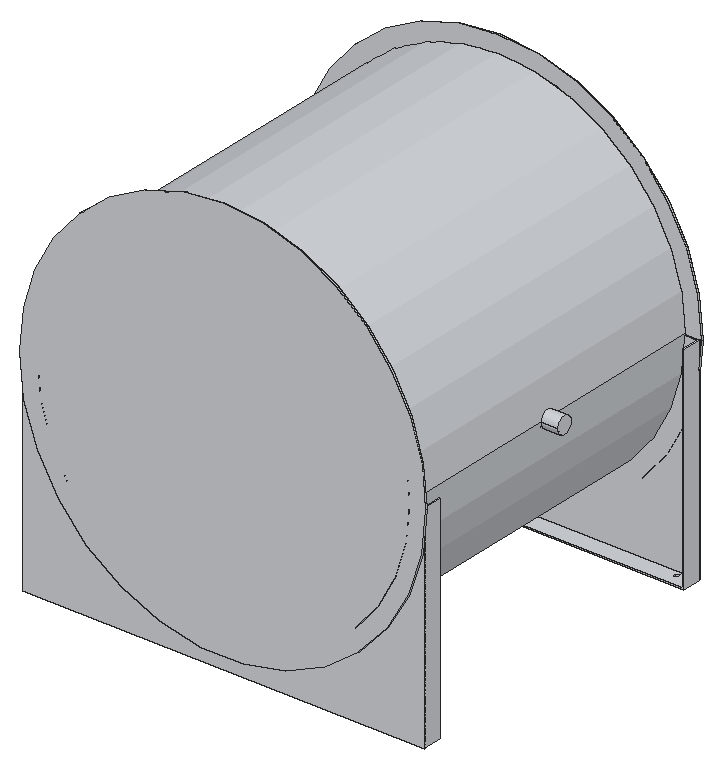
Revit family "AFD-C_Horizontal_Floor_Mount", category Mechanical Equipment, Revit 2019
Family settings
  Round Connector Dimension = Use Radius
  Part Type = Normal
  Work Plane-Based = No
  Always vertical = Yes
  Cut with Voids When Loaded = No
  Shared = No
  Room Calculation Point = No
Parameters (values of type "44_AFD-C_HOR_FLOOR")
  Unit Weight [instance] = ""
  P/2 = P / 2  # 0' - 0 9/32"
  P = 0' - 0 9/16"  # constant formula
  ModelID [instance] = ""
  M = 1' - 10 3/8"
  L/2 = L / 2  # 2' - 0 3/8"
  L = 4' - 0 3/4"
  J = 0' - 1"
  H/2 = H / 2  # 1' - 8"
  H = 3' - 4"
  J-(C/2) = K - (C / 2)  # 0' - 2 3/8"
  K = 2' - 2 1/8"
  Sones [instance] = ""
  Motor RPM [instance] = ""
  Motor Enclosure [instance] = ""
  LwA [instance] = ""
  G = 12' - 0"
  Fan RPM [instance] = ""
  F/2 = F / 2  # 0' - 0 7/32"
  F = 0' - 0 7/16"
  E/2 = E / 2  # 1' - 9"
  E-2" = E - 0' 2"  # 3' - 4"
  E = 3' - 6"
  C/2+J = C / 2 + K  # 4' - 1 7/8"
  C/2 = C / 2  # 1' - 11 3/4"
  C = 3' - 11 1/2"
  B/2 = B / 2  # 2' - 0 11/16"
  B = 4' - 1 3/8"
  Accessories [instance] = ""
  A/3 = A / 2.5  # 1' - 6"
  A/2 = A / 2  # 1' - 10 1/2"
  A = 3' - 9"
  60 = 60.00°  # constant formula
  30 = 30.00°  # constant formula
  3" = 0' - 3"  # constant formula
  Brake Hp [instance] = ""
  4" = 0' - 4"  # constant formula
  2' = 2' - 0"
  2" = 0' - 2"  # constant formula
  1" = 0' - 1"  # constant formula
  0 = 0' - 0"  # constant formula
  Voltage [instance] = 0 V
  URL = "www.lorencook.com"
  Type Comments = "Tube Axial Fan Horizontal Floor Mount Direct Drive Arrangement 4"  # constant formula
  Static Pressure [instance] = 0.00 in-wg
  Power [instance] = Voltage * Motor FLA * sqrt(if(Phase = 3, 3, 1))  # 0 VA
  Phase [instance] = 0
  Number of Poles [instance] = 1
  Motor Hp [instance] = "0"
  Motor FLA [instance] = 0 A
  Model = "AFD-C"  # constant formula
  Manufacturer = "Loren Cook Company"
  CFM [instance] = 0 CFM
  1.5 = 0' - 1 1/2"  # constant formula
  ONE EIGTH = 0' - 0 1/8"  # constant formula
  -E/2 = -E / 2  # -1' - 9"
  -(E-.25")/2 = -(E - 0' 0 1/4") / 2  # -1' - 8 7/8"
  (E-.25")/2 = (E - 0' 0 1/4") / 2  # 1' - 8 7/8"
  (A+.25")/2 = (A + 0' 0 1/4") / 2  # 1' - 10 5/8"
Types (12): name | M | L/2 | L | J | H/2 | H | J-(C/2) | K | G | F/2 | F | E/2 | E-2" | E | C/2+J | C/2 | C | B/2 | B | A/3 | A/2 | A | -E/2 | -(E-.25")/2 | (E-.25")/2 | (A+.25")/2
  (no name) | 1' - 10 3/8" | 2' - 0 3/8" | 4' - 0 3/4" | 0' - 1" | 1' - 8" | 3' - 4" | 0' - 2 3/8" | 2' - 2 1/8" | 12' - 0" | 0' - 0 7/32" | 0' - 0 7/16" | 1' - 9" | 3' - 4" | 3' - 6" | 4' - 1 7/8" | 1' - 11 3/4" | 3' - 11 1/2" | 2' - 0 11/16" | 4' - 1 3/8" | 1' - 6" | 1' - 10 1/2" | 3' - 9" | -1' - 9" | -1' - 8 7/8" | 1' - 8 7/8" | 1' - 10 5/8"
  12_AFD-C_HOR_FLOOR | 0' - 6" | 0' - 8" | 1' - 4" | 0' - 0 15/16" | 0' - 10 1/16" | 1' - 8 1/8" | 0' - 2 7/16" | 0' - 9 3/4" | 6' - 0" | 0' - 0 5/32" | 0' - 0 5/16" | 0' - 11" | 1' - 8" | 1' - 10" | 1' - 5 1/16" | 0' - 7 5/16" | 1' - 2 5/8" | 0' - 7 27/32" | 1' - 3 11/16" | 0' - 5.15" | 0' - 6 7/16" | 1' - 0 7/8" | -0' - 11" | -0' - 10 7/8" | 0' - 10 7/8" | 0' - 6 9/16"
  16_AFD-C_HOR_FLOOR | 0' - 8" | 0' - 10" | 1' - 8" | 0' - 0 15/16" | 0' - 11 9/16" | 1' - 11 1/8" | 0' - 2 7/16" | 0' - 11 3/4" | 6' - 0" | 0' - 0 5/32" | 0' - 0 5/16" | 1' - 0 1/2" | 1' - 11" | 2' - 1" | 1' - 9 1/16" | 0' - 9 5/16" | 1' - 6 5/8" | 0' - 9 27/32" | 1' - 7 11/16" | 0' - 6 3/4" | 0' - 8 7/16" | 1' - 4 7/8" | -1' - 0 1/2" | -1' - 0 3/8" | 1' - 0 3/8" | 0' - 8 9/16"
  18_AFD-C_HOR_FLOOR | 0' - 9" | 0' - 11" | 1' - 10" | 0' - 0 15/16" | 0' - 11 9/16" | 1' - 11 1/8" | 0' - 2 7/16" | 1' - 0 3/4" | 6' - 0" | 0' - 0 5/32" | 0' - 0 5/16" | 1' - 0 1/2" | 1' - 11" | 2' - 1" | 1' - 11 1/16" | 0' - 10 5/16" | 1' - 8 5/8" | 0' - 10 27/32" | 1' - 9 11/16" | 0' - 7.55" | 0' - 9 7/16" | 1' - 6 7/8" | -1' - 0 1/2" | -1' - 0 3/8" | 1' - 0 3/8" | 0' - 9 9/16"
  24_AFD-C_HOR_FLOOR | 1' - 0 1/4" | 1' - 2 1/4" | 2' - 4 1/2" | 0' - 0 15/16" | 1' - 2 9/16" | 2' - 5 1/8" | 0' - 2 9/16" | 1' - 4" | 6' - 0" | 0' - 0 7/32" | 0' - 0 7/16" | 1' - 3 1/2" | 2' - 5" | 2' - 7" | 2' - 5 7/16" | 1' - 1 7/16" | 2' - 2 7/8" | 1' - 2 9/16" | 2' - 5 1/8" | 0' - 9.95" | 1' - 0 7/16" | 2' - 0 7/8" | -1' - 3 1/2" | -1' - 3 3/8" | 1' - 3 3/8" | 1' - 0 9/16"
  28_AFD-C_HOR_FLOOR | 1' - 2 1/4" | 1' - 4 1/4" | 2' - 8 1/2" | 0' - 0 15/16" | 1' - 2 9/16" | 2' - 5 1/8" | 0' - 2 9/16" | 1' - 6" | 6' - 0" | 0' - 0 7/32" | 0' - 0 7/16" | 1' - 3 1/2" | 2' - 5" | 2' - 7" | 2' - 9 7/16" | 1' - 3 7/16" | 2' - 6 7/8" | 1' - 4 9/16" | 2' - 9 1/8" | 0' - 11.55" | 1' - 2 7/16" | 2' - 4 7/8" | -1' - 3 1/2" | -1' - 3 3/8" | 1' - 3 3/8" | 1' - 2 9/16"
  32_AFD-C_HOR_FLOOR | 1' - 4 5/16" | 1' - 6 5/16" | 3' - 0 5/8" | 0' - 0 15/16" | 1' - 4 1/16" | 2' - 8 1/8" | 0' - 2 5/8" | 1' - 8 1/8" | 6' - 0" | 0' - 0 7/32" | 0' - 0 7/16" | 1' - 5" | 2' - 8" | 2' - 10" | 3' - 1 5/8" | 1' - 5 1/2" | 2' - 11" | 1' - 6 5/8" | 3' - 1 1/4" | 1' - 1.2" | 1' - 4 1/2" | 2' - 9" | -1' - 5" | -1' - 4 7/8" | 1' - 4 7/8" | 1' - 4 5/8"
  36_AFD-C_HOR_FLOOR | 1' - 6 5/16" | 1' - 8 5/16" | 3' - 4 5/8" | 0' - 0 15/16" | 1' - 4 1/16" | 2' - 8 1/8" | 0' - 2 5/8" | 1' - 10 1/8" | 6' - 0" | 0' - 0 7/32" | 0' - 0 7/16" | 1' - 5" | 2' - 8" | 2' - 10" | 3' - 5 5/8" | 1' - 7 1/2" | 3' - 3" | 1' - 8 11/16" | 3' - 5 3/8" | 1' - 2.8" | 1' - 6 1/2" | 3' - 1" | -1' - 5" | -1' - 4 7/8" | 1' - 4 7/8" | 1' - 6 5/8"
  44_AFD-C_HOR_FLOOR | 1' - 10 3/8" | 2' - 0 3/8" | 4' - 0 3/4" | 0' - 1" | 1' - 8" | 3' - 4" | 0' - 2 3/8" | 2' - 2 1/8" | 12' - 0" | 0' - 0 7/32" | 0' - 0 7/16" | 1' - 9" | 3' - 4" | 3' - 6" | 4' - 1 7/8" | 1' - 11 3/4" | 3' - 11 1/2" | 2' - 0 11/16" | 4' - 1 3/8" | 1' - 6" | 1' - 10 1/2" | 3' - 9" | -1' - 9" | -1' - 8 7/8" | 1' - 8 7/8" | 1' - 10 5/8"
  48_AFD-C_HOR_FLOOR | 2' - 0 15/16" | 2' - 2 15/16" | 4' - 5 7/8" | 0' - 1" | 1' - 8" | 3' - 4" | 0' - 2 15/16" | 2' - 4 3/4" | 12' - 0" | 0' - 0 7/32" | 0' - 0 7/16" | 1' - 9" | 3' - 4" | 3' - 6" | 4' - 6 9/16" | 2' - 1 13/16" | 4' - 3 5/8" | 2' - 2 3/4" | 4' - 5 1/2" | 1' - 7.65" | 2' - 0 9/16" | 4' - 1 1/8" | -1' - 9" | -1' - 8 7/8" | 1' - 8 7/8" | 2' - 0 11/16"
  54_AFD-C_HOR_FLOOR | 2' - 4 1/16" | 2' - 6 7/16" | 5' - 0 7/8" | 0' - 1 1/8" | 1' - 7 7/8" | 3' - 3 3/4" | 0' - 3 1/16" | 2' - 7 7/8" | 12' - 0" | 0' - 0 7/32" | 0' - 0 7/16" | 1' - 9" | 3' - 4" | 3' - 6" | 5' - 0 11/16" | 2' - 4 13/16" | 4' - 9 5/8" | 2' - 6 3/8" | 5' - 0 3/4" | 1' - 10.15" | 2' - 3 11/16" | 4' - 7 3/8" | -1' - 9" | -1' - 8 7/8" | 1' - 8 7/8" | 2' - 3 13/16"
  60_AFD-C_HOR_FLOOR | 2' - 7 1/16" | 2' - 9 1/16" | 5' - 6 1/8" | 0' - 1 1/8" | 1' - 7 7/8" | 3' - 3 3/4" | 0' - 3 1/16" | 2' - 10 7/8" | 12' - 0" | 0' - 0 7/32" | 0' - 0 7/16" | 1' - 9" | 3' - 4" | 3' - 6" | 5' - 6 11/16" | 2' - 7 13/16" | 5' - 3 5/8" | 2' - 9 3/8" | 5' - 6 3/4" | 2' - 0.55" | 2' - 6 11/16" | 5' - 1 3/8" | -1' - 9" | -1' - 8 7/8" | 1' - 8 7/8" | 2' - 6 13/16"
Reference planes (in)
  plane 1 "Center (Front/Back)": y = 0
  plane 2: z = 0
  plane 3 "Center (Left/Right)": x = 0.40541
Forms (in)
  Extrusion 1, solid
    sketch origin (0, 0, 0) x (1, 0, 0) y (0, 0, 1)
      loop
        circle (0.40541, 26.125) r 24.6875
    from 21 <- "E/2" to -21 <- "-E/2"
  Extrusion 2, void
    sketch origin (0, 0, 0) x (1, 0, 0) y (0, 0, 1)
      loop
        circle (0.40541, 26.125) r 24.6875
      loop
        circle (0.40541, 26.125) r 22.625
    from 20.875 <- "(E-.25")/2" to -20.875 <- "-(E-.25")/2"
  Extrusion 3, solid
    sketch origin (0, -21, 0) x (1, 0, 0) y (0, 0, 1)
      loop
        line (-22.21959, 26.125) -> (-23.96959, 26.125) -> (-23.96959, 0) -> (24.78041, 0) -> (24.78041, 26.125) -> (23.03041, 26.125)
        arc (23.03041, 26.125) -> (0.40541, 3.5) -> (-22.21959, 26.125) r 22.625
    from -0.25 to -0.125
  Extrusion 4, solid
    sketch origin (0, 20.875, 0) x (1, 0, 0) y (0, 0, 1)
      loop
        line (-22.21959, 26.125) -> (-23.96959, 26.125) -> (-23.96959, 0) -> (24.78041, 0) -> (24.78041, 26.125) -> (23.03041, 26.125)
        arc (23.03041, 26.125) -> (0.40541, 3.5) -> (-22.21959, 26.125) r 22.625
    from 0 to 0.125
  Extrusion 5, solid
    sketch origin (0, 20.875, 0) x (-1, 0, 0) y (0, 0, 1)
      loop
        line (-24.78041, 26.125) -> (-24.78041, 0) -> (23.96959, 0) -> (23.96959, 26.125) -> (23.84459, 26.125) -> (23.84459, 0.125) -> (-24.65541, 0.125) -> (-24.65541, 26.125) -> (-24.78041, 26.125)
    from -0.125 to -2.375
  Extrusion 6, solid
    sketch origin (0, -20.875, 0) x (1, 0, 0) y (0, 0, 1)
      loop
        line (-23.96959, 26.125) -> (-23.96959, 0) -> (24.78041, 0) -> (24.78041, 26.125) -> (24.65541, 26.125) -> (24.65541, 0.125) -> (-23.84459, 0.125) -> (-23.84459, 26.125) -> (-23.96959, 26.125)
    from -0.125 to -2.375
  Extrusion 7, void
    sketch origin (0, 0, 0) x (1, 0, 0) y (0, 1, 0)
      loop
        circle (-21.96959, 20) r 0.28125
      loop
        circle (22.78041, 20) r 0.28125
      loop
        circle (22.78041, -20) r 0.28125
      loop
        circle (-21.96959, -20) r 0.28125
    from 0 to 0.125
  Extrusion 8, solid
    sketch origin (0.40541, 0, 0) x (0, 1, 0) y (0, 0, 1)
      loop
        circle (0, 26.125) r 1
    from 0 to 24.6875 <- "B/2"
Cuts and joins
  Extrusion 2 cuts Extrusion 1
  Extrusion 7 cuts Extrusion 5
  Extrusion 7 cuts Extrusion 6
Dimensions and locks (in)
  "0": Extrusion 1 sketch curve to plane 3 "Center (Left/Right)"
  "K": Extrusion 1 sketch curve to level
  "0": Extrusion 2 sketch curve to plane 3 "Center (Left/Right)"  (x2)
  "K": Extrusion 2 sketch curve to level  (x2)
  "K": Extrusion 3 sketch curve to level  (x4)
  "0": Extrusion 3 sketch curve to plane 3 "Center (Left/Right)"
  "L/2": Extrusion 3 sketch curve to plane 3 "Center (Left/Right)"  (x2)
  "K": level to Extrusion 4 sketch curve
  "0": Extrusion 4 sketch curve to plane 3 "Center (Left/Right)"
  "0": Extrusion 4 sketch curve to level
  "0": Extrusion 4 sketch curve to Extrusion 3  (x3)
  "0": level to Extrusion 5 sketch curve
  "ONE EIGTH": level to Extrusion 5 sketch curve
  "ONE EIGTH": Extrusion 5 sketch curve to Extrusion 5 sketch curve  (x2)
  "0": Extrusion 5 sketch curve to Extrusion 4
  "0": Extrusion 4 to Extrusion 5 sketch curve  (x2)
  "ONE EIGTH": Extrusion 6 sketch curve to Extrusion 6 sketch curve  (x2)
  "ONE EIGTH": Extrusion 6 sketch curve to level
  "0": Extrusion 6 sketch curve to level
  "0": Extrusion 6 sketch curve to Extrusion 3  (x2)
  "0": Extrusion 3 to Extrusion 6 sketch curve
  "L/2": Extrusion 5 sketch curve to plane 3 "Center (Left/Right)"
  "H/2": plane 1 "Center (Front/Back)" to Extrusion 7 sketch curve  (x4)
  "M": Extrusion 7 sketch curve to plane 3 "Center (Left/Right)"  (x4)
  "0": Extrusion 3 sketch curve to level
  "K": Extrusion 6 sketch curve to level
  "0": Extrusion 8 sketch curve to plane 1 "Center (Front/Back)"
  "K": Extrusion 8 sketch curve to level
  "B/2": radius of Extrusion 1 sketch curve
  "(A+.25")/2": radius of Extrusion 2 sketch curve
  "B/2": radius of Extrusion 2 sketch curve
  "(A+.25")/2": radius of Extrusion 3 sketch curve
  "(A+.25")/2": radius of Extrusion 4 sketch curve
  "P/2": radius of Extrusion 7 sketch curve  (x4)
  "1"": radius of Extrusion 8 sketch curve
Connectors (in)
  hvac at (0.40541, -21, 26.125), driven by "A/2"
    settings: on cut or joined group of Extrusion 1, Extrusion 2, index 2, duct flow 0 CFM, flow factor 0, pres drop 0.00 in-wg, loss coef 0, conn angle 0.00°, conn width 12", conn height 12", conn diameter 45", duct sys type 29, conn prof type 0, flow config 0, flow direction 2, loss method 0, conn ref index -1, conn util no, is conn primary yes, conn desc ""
  hvac at (0.40541, 21, 26.125), driven by "A/2"
    settings: on cut or joined group of Extrusion 1, Extrusion 2, index 3, duct flow 0 CFM, flow factor 0, pres drop 0.00 in-wg, loss coef 0, conn angle 0.00°, conn width 12", conn height 12", conn diameter 45", duct sys type 29, conn prof type 0, flow config 0, flow direction 1, loss method 0, conn ref index -1, conn util no, is conn primary no, conn desc ""
  electrical at (25.09291, 0, 26.125)
    settings: on Extrusion 8, index 4, voltage 0 V, apparent load 0 VA, apparent load phase1 0 VA, apparent load phase2 0 VA, apparent load phase3 0 VA, power factor 1, load classification "Other", number of poles 1, system type 31, power factor state 1, is connector primary yes, connector utility no, sub classification motor no, connector description ""
